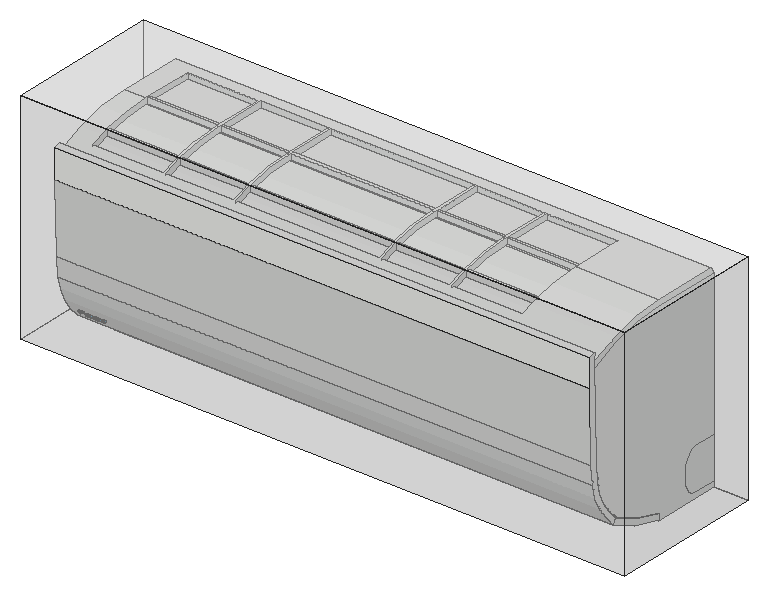
Revit family "outputfile", category 機械設備, Revit 2024
Family settings
  丸型コネクタ寸法 = 半径を使用
  パーツ タイプ = 標準
  OmniClass 番号 = 23.75.10.24.21.27.27
  OmniClass タイトル = Split System Air Conditioning Units
  作業面ベース = いいえ
  常に垂直 = はい
  ロード時にボイドで切り取り = いいえ
  注釈の向きを維持 = いいえ
  共有 = いいえ
  部屋計算ポイント = いいえ
Parameters (values of type "CTKM25VVMG")
  Description = ""
  書き出し IFC クラス(タイプ) = "IfcUnitaryEquipmentType"
  定義済み IFC タイプ(タイプ) = "AIRCONDITIONINGUNIT"
  Cost = 0
  Type Comments = ""
  Keynote = ""
  Type Image = (empty or 0)
  Assembly Code = ""
  w_wall hole = if(Width = 770.0 mm, 48.0 mm, 60.0 mm)  # 48.0 mm
  製造元 = "Daikin"
  モデル = "CTKM25VVMG"
  switch_frequency = yes
  r_Liquid Pipe Size = Liquid Pipe Size / 2  # 3.2 mm
  r_Gas Pipe Size = Gas Pipe Size / 2  # 4.75 mm
  r_Drain Pipe Size = Drain Pipe Size / 2  # 8.0 mm
  lw_powersupply [instance] = if(Width = 770.0 mm, if(or(Rear Right Connection_refrigerant, Bottom Right Connection_refrigerant), 25.0 mm, if(or(Rear Left Connection_refrigerant, Bottom Left Connection_refrigerant), 745.0 mm, 400.0 mm)), if(Width = 990.0 mm, if(or(Rear Right Connection_refrigerant, Bottom Right Connection_refrigerant), 40.0 mm, if(or(Rear Left Connection_refrigerant, Bottom Left Connection_refrigerant), 920.0 mm, 400.0 mm)), if(or(Rear Right Connection_refrigerant, Bottom Right Connection_refrigerant), 40.0 mm, if(or(Rear Left Connection_refrigerant, Bottom Left Connection_refrigerant), 920.0 mm, 400.0 mm))))  # 400.0 mm
  lw_liquidpipe [instance] = if(Width = 770.0 mm, if(or(Rear Right Connection_refrigerant, Bottom Right Connection_refrigerant), 0.0 mm, if(or(Rear Left Connection_refrigerant, Bottom Left Connection_refrigerant), 664.0 mm, 385.0 mm)), if(Width = 990.0 mm, if(or(Rear Right Connection_refrigerant, Bottom Right Connection_refrigerant), 0.0 mm, if(or(Rear Left Connection_refrigerant, Bottom Left Connection_refrigerant), 664.0 mm + (990.0 mm - 770.0 mm), 475.0 mm)), if(or(Rear Right Connection_refrigerant, Bottom Right Connection_refrigerant), 0.0 mm, if(or(Rear Left Connection_refrigerant, Bottom Left Connection_refrigerant), 664.0 mm + (990.0 mm - 770.0 mm), 475.0 mm))))  # 385.0 mm
  lw_gaspipe [instance] = if(Width = 770.0 mm, if(or(Rear Right Connection_refrigerant, Bottom Right Connection_refrigerant), 0.0 mm, if(or(Rear Left Connection_refrigerant, Bottom Left Connection_refrigerant), 675.0 mm, if(Gas Pipe Size = 12.7 mm, 345.0 mm, 335.0 mm))), if(Width = 990.0 mm, if(or(Rear Right Connection_refrigerant, Bottom Right Connection_refrigerant), 10.0 mm, if(or(Rear Left Connection_refrigerant, Bottom Left Connection_refrigerant), 890.0 mm, if(Gas Pipe Size = 15.9 mm, 410.0 mm, 400.0 mm))), if(or(Rear Right Connection_refrigerant, Bottom Right Connection_refrigerant), 10.0 mm, if(or(Rear Left Connection_refrigerant, Bottom Left Connection_refrigerant), 890.0 mm, if(Gas Pipe Size = 15.9 mm, 410.0 mm, 400.0 mm)))))  # 335.0 mm
  lw_drainpipe [instance] = if(Width = 770.0 mm, if(or(Rear Right Connection_refrigerant, Bottom Right Connection_refrigerant), 0.0 mm, if(or(Rear Left Connection_refrigerant, Bottom Left Connection_refrigerant), 770.0 mm - 48.0 mm - 48.0 mm, 440.0 mm)), if(Width = 990.0 mm, if(or(Rear Right Connection_refrigerant, Bottom Right Connection_refrigerant), 0.0 mm, if(or(Rear Left Connection_refrigerant, Bottom Left Connection_refrigerant), 675.0 mm + (990.0 mm - 770.0 mm), 435.0 mm)), if(or(Rear Right Connection_refrigerant, Bottom Right Connection_refrigerant), 0.0 mm, if(or(Rear Left Connection_refrigerant, Bottom Left Connection_refrigerant), 675.0 mm + (990.0 mm - 770.0 mm), 435.0 mm))))  # 440.0 mm
  l_powersupply_length [instance] = if(Width = 770.0 mm, if(Right Connection_refrigerant, 400.0 mm, if(Left Connection_refrigerant, 770.0 mm - 400.0 mm, if(or(Rear Left Connection_refrigerant, Rear Right Connection_refrigerant), 15.0 mm, 50.0 mm))), if(Width = 990.0 mm, if(Right Connection_refrigerant, 400.0 mm, if(Left Connection_refrigerant, 990.0 mm - 400.0 mm, if(or(Rear Left Connection_refrigerant, Rear Right Connection_refrigerant), 15.0 mm, 50.0 mm))), if(Right Connection_refrigerant, 400.0 mm, if(Left Connection_refrigerant, 990.0 mm - 400.0 mm, if(or(Rear Left Connection_refrigerant, Rear Right Connection_refrigerant), 15.0 mm, 50.0 mm)))))  # 400.0 mm
  l_liquidpipe_length [instance] = if(Width = 770.0 mm, if(Right Connection_refrigerant, 433.0 mm, if(Left Connection_refrigerant, 337.0 mm, if(or(Rear Left Connection_refrigerant, Rear Right Connection_refrigerant), 30.0 mm, 40.0 mm))), if(Width = 990.0 mm, if(Right Connection_refrigerant, 535.0 mm, if(Left Connection_refrigerant, 455.0 mm, if(or(Rear Left Connection_refrigerant, Rear Right Connection_refrigerant), 30.0 mm, 40.0 mm))), if(Right Connection_refrigerant, 535.0 mm, if(Left Connection_refrigerant, 455.0 mm, if(or(Rear Left Connection_refrigerant, Rear Right Connection_refrigerant), 30.0 mm, 40.0 mm)))))  # 433.0 mm
  l_gaspipe_length [instance] = if(Width = 770.0 mm, if(Right Connection_refrigerant, if(Gas Pipe Size = 12.7 mm, 393.0 mm, 383.0 mm), if(Left Connection_refrigerant, if(Gas Pipe Size = 12.7 mm, 770.0 mm - 393.0 mm, 770.0 mm - 383.0 mm), if(or(Rear Left Connection_refrigerant, Rear Right Connection_refrigerant), 40.0 mm, 50.0 mm))), if(Width = 990.0 mm, if(Right Connection_refrigerant, if(Gas Pipe Size = 15.9 mm, 470.0 mm, 460.0 mm), if(Left Connection_refrigerant, if(Gas Pipe Size = 15.9 mm, 990.0 mm - 470.0 mm, 990.0 mm - 460.0 mm), if(or(Rear Left Connection_refrigerant, Rear Right Connection_refrigerant), 40.0 mm, 50.0 mm))), if(Right Connection_refrigerant, if(Gas Pipe Size = 15.9 mm, 470.0 mm, 460.0 mm), if(Left Connection_refrigerant, if(Gas Pipe Size = 15.9 mm, 990.0 mm - 470.0 mm, 990.0 mm - 460.0 mm), if(or(Rear Left Connection_refrigerant, Rear Right Connection_refrigerant), 40.0 mm, 50.0 mm)))))  # 383.0 mm
  l_drainpipe_length [instance] = if(Width = 770.0 mm, if(Right Connection_refrigerant, 488.0 mm, if(Left Connection_refrigerant, 282.0 mm, if(or(Rear Left Connection_refrigerant, Rear Right Connection_refrigerant), 15.0 mm, 20.0 mm))), if(Width = 990.0 mm, if(Right Connection_refrigerant, 495.0 mm, if(Left Connection_refrigerant, 495.0 mm, if(or(Rear Left Connection_refrigerant, Rear Right Connection_refrigerant), 15.0 mm, 20.0 mm))), if(Right Connection_refrigerant, 495.0 mm, if(Left Connection_refrigerant, 495.0 mm, if(or(Rear Left Connection_refrigerant, Rear Right Connection_refrigerant), 15.0 mm, 20.0 mm)))))  # 488.0 mm
  h*** = 0.0 mm  # constant formula
  connector_voltage = Voltage_50Hz  # 230 V
  connector_powerinput = [Power Input (Cooling)]  # 0.000 kW
  connector_phase = Phase_50Hz  # 1
  angle_vertical [instance] = if(or(Bottom Left Connection_refrigerant, Bottom Right Connection_refrigerant), 0.00°, 90.00°)  # 90.00°
  angle_horizontal [instance] = if(Right Connection_refrigerant, 90.00°, if(Left Connection_refrigerant, -90.00°, if(or(Rear Left Connection_refrigerant, Rear Right Connection_refrigerant), 180.00°, 0.00°)))  # 90.00°
  Width = 770.0 mm
  Voltage_comment_50Hz = "220 - 240"
  Voltage_50Hz = 230 V
  Version = "ver.1.0"
  Unit Type = "Wall Mounted"
  Unit Mass Weight = 8.00 kg
  Unit Designation [instance] = ""
  Uniclass2015Version = "Products v1.30"
  Uniclass2015Title = "Split coil room air conditioning units"
  Uniclass2015Code = "Pr_70_65_03_86"
  URL = ""
  Total Cooling Capacity [instance] = 0.000 kW
  Sound Pressure Level_M speed (dBA) = 34
  Sound Pressure Level_L speed (dBA) = 26
  Sound Pressure Level_H speed (dBA) = 43
  Sound Power Level_H speed (dB) = 0
  Series = "Multi Split_Fan Coil Unit"
  Sensible Cooling Capacity [instance] = 0.000 kW
  Refrigerant Type = "R32"
  Power Input (Cooling) = 0.000 kW
  Phase_50Hz = 1
  Option Accessory 3 [instance] = ""
  Option Accessory 2 [instance] = ""
  Option Accessory 1 [instance] = ""
  Nominal Cooling Capacity = 2.500 kW
  Minimum Circuit Amps_50Hz = 0.0 A
  Minimum Airflow = 330.00 m³/h
  Median Airflow = 504.00 m³/h
  Maximum Fuse Amps_50Hz = 0.0 A
  Maximum Airflow = 708.00 m³/h
  Material_Casing = DAIKIN_White_Casing_indoorunit
  Load Classification = HVAC
  Liquid Pipe Size = 6.4 mm
  Link_Nested Family [instance] = ""
  IfcVersion = ""
  IfcExportType = "AIRCONDITIONINGUNIT"
  IfcExportAs = "IfcUnitaryEquipmentType"
  Height = 285.0 mm
  Heat Exchanger Type = "Cross Fin Coil"
  Gas Pipe Size = 9.5 mm
  Frequency_50Hz = 50 Hz
  Fan Type = "Cross Flow Fan"
  Fan Drive = "Direct Drive"
  FCU Tag No. [instance] = ""
  Drain Pipe Size = 16.0 mm
  Design Supply Airflow [instance] = 0.00 m³/h
  Depth = 223.0 mm
  既定の高さ = 0.0 mm
  Cooling Entering Wet Bulb Temperature [instance] = 0.00 °C
  Cooling Entering Dry Bulb Temperature [instance] = 0.00 °C
  Cooling Ambient Wet Bulb Temperature [instance] = 0.00 °C
  Cooling Ambient Dry Bulb Temperature [instance] = 0.00 °C
  Clearance visibility [instance] = yes
  Clearance Top = 30.0 mm
  Clearance Right = 50.0 mm
  Clearance Rear = 0.0 mm
  Clearance Left = 50.0 mm
  Clearance Front = 0.0 mm
  Clearance Bottom = 0.0 mm
  Bottom Right Connection_refrigerant [instance] = no
  Bottom Left Connection_refrigerant [instance] = no
  Rear Right Connection_refrigerant [instance] = no
  Rear Left Connection_refrigerant [instance] = no
  Right Connection_refrigerant [instance] = yes
  Left Connection_refrigerant [instance] = no
Reference planes
  plane 1 "Back": y = 0
  plane 2: z = 0
  plane 3 "Center (Left/Right)": x = 0
  plane 4 "Center (Front/Back)": y = -111.5
  plane 5 "Front": y = -223
  plane 6 "Left": x = -385
  plane 7 "Right": x = 385
  plane 8 "Top": z = 0
  plane 9 "Bottom": z = -285
  plane 10: x = -435
  plane 11: x = 435
  plane 12: y = 0
  plane 13: y = -223
  plane 14: z = 30
  plane 15: z = -285
  plane 16 "lw_Piping and Wiring intake": x = 337
  plane 17 "lw_gaspipe": x = 2
  plane 18 "lw_liquidpipe": x = -48
  plane 19 "lw_drainpipe": x = -103
  plane 20 "lh_drainpipe": z = -265
  plane 21 "lh_liquidpipe": z = -245
  plane 22 "lh_gaspipe": z = -235
  plane 23 "ld_drainpipe": y = -15
  plane 24 "ld_liquidpipe": y = -30
  plane 25 "ld_gaspipe": y = -40
  plane 26 "lw_powersupply": x = -15
Dimensions and locks
  equal spacing: plane 6 "Left", plane 3 "Center (Left/Right)", plane 7 "Right"
  "Width": plane 6 "Left" to plane 7 "Right"
  equal spacing: plane 5 "Front", plane 4 "Center (Front/Back)", plane 1 "Back"
  "Depth": plane 5 "Front" to plane 1 "Back"
  "Height": plane 8 "Top" to plane 9 "Bottom"
  "Clearance Rear": plane 12 to plane 1 "Back"
  "Clearance Front": plane 13 to plane 5 "Front"
  "Clearance Top": plane 14 to plane 8 "Top"
  "Clearance Bottom": plane 9 "Bottom" to plane 15
  "w_wall hole": plane 16 "lw_Piping and Wiring intake" to plane 7 "Right"
  "lw_gaspipe": plane 17 "lw_gaspipe" to plane 16 "lw_Piping and Wiring intake"
  "lw_liquidpipe": plane 18 "lw_liquidpipe" to plane 16 "lw_Piping and Wiring intake"
  "lw_drainpipe": plane 19 "lw_drainpipe" to plane 16 "lw_Piping and Wiring intake"
  locked: plane 20 "lh_drainpipe" to plane 9 "Bottom" at 20
  locked: plane 21 "lh_liquidpipe" to plane 9 "Bottom" at 40
  locked: plane 22 "lh_gaspipe" to plane 9 "Bottom" at 50
  locked: plane 23 "ld_drainpipe" to plane 1 "Back" at 15
  locked: plane 1 "Back" to plane 24 "ld_liquidpipe" at 30
  locked: plane 1 "Back" to plane 25 "ld_gaspipe" at 40
  "lw_powersupply": plane 26 "lw_powersupply" to plane 7 "Right"
  "Clearance Left": plane 10 to plane 6 "Left"
  "Clearance Right": plane 7 "Right" to plane 11
  aligned and locked: level to plane 2
  aligned and locked: plane 12 to nested 1
  aligned and locked: nested 1 to plane 13
  aligned and locked: plane 10 to nested 1
  aligned and locked: plane 11 to nested 1
  aligned and locked: plane 15 to nested 1
  aligned and locked: plane 14 to nested 1
  aligned and locked: plane 17 "lw_gaspipe" to nested 2
  aligned and locked: nested 2 to plane 25 "ld_gaspipe"
  aligned and locked: plane 18 "lw_liquidpipe" to nested 3
  aligned and locked: nested 3 to plane 24 "ld_liquidpipe"
  aligned and locked: plane 19 "lw_drainpipe" to nested 4
  aligned and locked: nested 4 to plane 23 "ld_drainpipe"
  aligned and locked: nested 5 to plane 23 "ld_drainpipe"
  aligned and locked: plane 26 "lw_powersupply" to nested 5
  aligned and locked: level to plane 8 "Top"
  aligned and locked: plane 3 "Center (Left/Right)" to nested 6
  aligned and locked: plane 1 "Back" to nested 6
  aligned and locked: plane 8 "Top" to nested 6
Nested families
  nested 1: "daikin_clearancespace" at (0, -111.5, -127.381), show <- "Clearance visibility", visible <- "Clearance visibility", Link_Nested Family <- "Link_Nested Family", type "daikin_clearancespace"
    with width 870.0 mm, show yes, height 315.0 mm, depth 223.0 mm, Link_Nested Family ""
  nested 2: "daikin_connector_rotate3" at (2, -40, -235), angle_vertical <- "angle_vertical", angle_horizontal <- "angle_horizontal", length <- "l_gaspipe_length", radius <- "r_Gas Pipe Size", type "daikin_connector_rotate3"
    with show no, radius 4.75 mm, length 383.0 mm, angle_vertical 90.00°, angle_horizontal 90.00°
  nested 3: "daikin_connector_rotate3" at (-48, -30, -245), angle_vertical <- "angle_vertical", angle_horizontal <- "angle_horizontal", radius <- "r_Liquid Pipe Size", length <- "l_liquidpipe_length", type "daikin_connector_rotate3"
    with show no, radius 3.2 mm, length 433.0 mm, angle_vertical 90.00°, angle_horizontal 90.00°
  nested 4: "daikin_connector_rotate3" at (-103, -15, -265), angle_vertical <- "angle_vertical", angle_horizontal <- "angle_horizontal", length <- "l_drainpipe_length", radius <- "r_Drain Pipe Size", type "daikin_connector_rotate3"
    with show no, radius 8.0 mm, length 488.0 mm, angle_vertical 90.00°, angle_horizontal 90.00°
  nested 5: "daikin_connector_rotate3" at (-15, -15, -235), angle_vertical <- "angle_vertical", angle_horizontal <- "angle_horizontal", length <- "l_powersupply_length", type "daikin_connector_rotate3"
    with show no, radius 10.0 mm, length 400.0 mm, angle_vertical 90.00°, angle_horizontal 90.00°
  nested 6: "DAIKIN_indoorunit_CTKM-VVMG" at (-31, 0, 0), type "CTKM-VVMG"
Connectors
  piping at (385, -40, -235), diameter 9.5, driven by "r_Gas Pipe Size"
    settings: on nested 2, index 1, connector inside diameter 609.6 mm, connector length 0.0 mm, flow factor 0, pipe flow 0.00 m³/h, pressure drop 0.0 Pa, fitting loss kfactor 0, connector angle 0.00°, fixture units 0, engagement length 0.0 mm, angle of deflection 0.00°, flow configuration 1, flow direction 2, fitting loss method 0, system type 29, joint type 0, gender type 0, connector reference index -1, connector utility 0, adjustable connector no, is connector primary yes, connector description "Refrigerant Gas Piping"
  piping at (385, -30, -245), diameter 6.4, driven by "r_Liquid Pipe Size"
    settings: on nested 3, index 2, connector inside diameter 609.6 mm, connector length 0.0 mm, flow factor 0, pipe flow 0.00 m³/h, pressure drop 0.0 Pa, fitting loss kfactor 0, connector angle 0.00°, fixture units 0, engagement length 0.0 mm, angle of deflection 0.00°, flow configuration 1, flow direction 1, fitting loss method 0, system type 29, joint type 0, gender type 0, connector reference index -1, connector utility 0, adjustable connector no, is connector primary no, connector description "Refrigerant Liquid Piping"
  piping at (385, -15, -265), diameter 16, driven by "r_Drain Pipe Size"
    settings: on nested 4, index 3, connector inside diameter 609.6 mm, connector length 0.0 mm, flow factor 0, pipe flow 0.00 m³/h, pressure drop 0.0 Pa, fitting loss kfactor 0, connector angle 0.00°, fixture units 0, engagement length 0.0 mm, angle of deflection 0.00°, flow configuration 1, flow direction 2, fitting loss method 4, system type 16, joint type 0, gender type 0, connector reference index -1, connector utility 0, adjustable connector no, is connector primary no, connector description "Condensate Drain Piping"
  electrical at (385, -15, -235), driven by "Load Classification", driven by "connector_powerinput", driven by "connector_phase", driven by "connector_voltage"
    settings: on nested 5, index 4, voltage 230 V, apparent load 0 VA, apparent load phase1 0 VA, apparent load phase2 0 VA, apparent load phase3 0 VA, power factor 1, load classification "HVAC", number of poles 1, system type 30, power factor state 1, is connector primary yes, connector utility no, sub classification motor no, connector description "Power Supply"
Definition of nested family "daikin_clearancespace"
  Parameters (values of type "daikin_clearancespace")
    Description = "daikin_clearancespace"
    width [instance] = 1823.963 mm
    show [instance] = yes
    material = none
    height [instance] = 1359.762 mm
    depth [instance] = 880.0 mm
    Default Elevation = 0.0 mm
    Link_Nested Family [instance] = ""
  Reference planes
    plane 1 "Center (Front/Back)": y = 0
    plane 2 "Center (Elevation)": z = -0.119
    plane 3 "Center (Left/Right)": x = 0
    plane 4: y = 440
    plane 5: y = -440
    plane 6 "Right": x = 911.982
    plane 7 "Left": x = -911.982
    plane 8 "Top": z = 679.762
    plane 9 "Bottom": z = -680
  Forms (mm)
    Extrusion 1, solid, material <- "material", visible <- "show"
      sketch origin (0, 0, 0) x (1, 0, 0) y (0, 1, 0)
        loop
          line (-911.982, 440) -> (-911.982, -440) -> (911.982, -440) -> (911.982, 440) -> (-911.982, 440)
      from -680 to 679.762
  Lines and regions (mm)
    symbolic lines, visible <- "show"
      curve 1: line (911.982, 440, 0) -> (-911.982, 440, 0)
      curve 2: line (-911.982, 440, 0) -> (-911.982, -440, 0)
      curve 3: line (-911.982, -440, 0) -> (911.982, -440, 0)
      curve 4: line (911.982, -440, 0) -> (911.982, 440, 0)
      curve 5: line (911.982, 0, 679.762) -> (-911.982, 0, 679.762)
      curve 6: line (911.982, 0, -680) -> (911.982, 0, 679.762)
      curve 7: line (-911.982, 0, -680) -> (911.982, 0, -680)
      curve 8: line (-911.982, 0, 679.762) -> (-911.982, 0, -680)
      curve 9: line (0, 440, 679.762) -> (0, -440, 679.762)
      curve 10: line (0, -440, 679.762) -> (0, -440, -680)
      curve 11: line (0, 440, -680) -> (0, 440, 679.762)
      curve 12: line (0, -440, -680) -> (0, 440, -680)
  Dimensions and locks
    "width": plane 7 "Left" to plane 6 "Right"
    "depth": plane 4 to plane 5
    "height": plane 8 "Top" to plane 9 "Bottom"
    equal spacing: plane 7 "Left", plane 3 "Center (Left/Right)", plane 6 "Right"
    equal spacing: plane 4, plane 1 "Center (Front/Back)", plane 5
    equal spacing: plane 8 "Top", plane 2 "Center (Elevation)", plane 9 "Bottom"
    aligned and locked: level to plane 2 "Center (Elevation)"
    aligned and locked: Extrusion 1 sketch curve to plane 4
    aligned and locked: plane 7 "Left" to Extrusion 1 sketch curve
    aligned and locked: Extrusion 1 sketch curve to plane 5
    aligned and locked: Extrusion 1 sketch curve to plane 6 "Right"
    aligned and locked: plane 8 "Top" to Extrusion 1
    aligned and locked: curve 1 to Extrusion 1
    aligned and locked: curve 2 to Extrusion 1
    aligned and locked: curve 3 to Extrusion 1
    aligned and locked: curve 4 to Extrusion 1
    aligned and locked: curve 5 to Extrusion 1
    aligned and locked: curve 6 to Extrusion 1
    aligned and locked: curve 7 to Extrusion 1
    aligned and locked: curve 8 to Extrusion 1
    aligned and locked: curve 9 to Extrusion 1
    aligned and locked: curve 10 to Extrusion 1
    aligned and locked: curve 11 to Extrusion 1
    aligned and locked: curve 12 to Extrusion 1
    aligned and locked: Extrusion 1 to plane 9 "Bottom"
Definition of nested family "DAIKIN_indoorunit_CTKM-VVMG"
  Parameters (values of type "CTKM-VVMG")
    switch_unit1_60-71 = Width = 990.0 mm  # no
    switch_unit1_25-50 = Width = 770.0 mm  # yes
    Width = 770.0 mm
    WALL HOLE-R = if(Width = 770.0 mm, 48.0 mm, 60.0 mm)  # 48.0 mm
    WALL HOLE Size = if(Width = 770.0 mm, 65.0 mm, 80.0 mm)  # 65.0 mm
    Material_Casing = none
    Height = if(Width = 770.0 mm, 285.0 mm, 295.0 mm)  # 285.0 mm
    Default Elevation = 0.0 mm
  Reference planes
    plane 1 "Center (Front/Back)": y = 0
    plane 2 "reference_level": z = 0
    plane 3 "Center (Left/Right)": x = 31
    plane 4: x = -354
    plane 5: x = 416
    plane 6: z = -285
  Forms (mm)
    Extrusion 1, solid, material <- "Material_Casing", visible <- "switch_unit1_25-50"
      sketch origin (29, 0, 0) x (0, 1, 0) y (0, 0, 1)
        loop
          line (-5, 0) -> (-98, 0)
          arc (-98, 0) -> (-157.611, -7.211) -> (-213.783, -28.427) r 250
          arc (-213.783, -28.427) -> (-213.842, -32.972) -> (-213.892, -37.516) r 2191
          arc (-213.892, -37.516) -> (-157.832, -15.495) -> (-98.07, -8) r 242
          line (-98.07, -8) -> (0, -8) -> (-5, 0)
      from -383 to 387
    Extrusion 2, solid, material <- "Material_Casing", visible <- "switch_unit1_25-50"
      sketch origin (416, 1296.25, 1200) x (0, 1, 0) y (0, 0, 1)
        loop
          line (-1472.998, -1446.91) -> (-1476.998, -1453.839)
          arc (-1476.998, -1453.839) -> (-1437.481, -1472.422) -> (-1395.25, -1483.538) r 240
          line (-1395.25, -1483.538) -> (-1395.25, -1475.422)
          arc (-1395.25, -1475.422) -> (-1435.407, -1464.663) -> (-1472.998, -1446.91) r 232
      from 0 to -47.5
    Extrusion 3, solid, material <- "Material_Casing", visible <- "switch_unit1_25-50"
      sketch origin (29, 0, 0) x (0, 1, 0) y (0, 0, 1)
        loop
          arc (-223, -60.455) -> (-222.414, -110.646) -> (-220.656, -160.81) r 2149.92
          arc (-220.656, -160.81) -> (-219.65, -174.299) -> (-217.853, -187.706) r 229.911
          arc (-217.853, -187.706) -> (-205.371, -223.594) -> (-181.517, -253.17) r 111
          line (-181.517, -253.17) -> (-177.429, -246.093)
          arc (-177.429, -246.093) -> (-198.77, -218.989) -> (-209.965, -186.36) r 103
          arc (-209.965, -186.36) -> (-211.681, -173.586) -> (-212.651, -160.735) r 221.844
          arc (-212.651, -160.735) -> (-214.739, -93.233) -> (-214.74, -25.699) r 2186.828
          arc (-214.74, -25.699) -> (-214.671, -21.467) -> (-214.594, -17.235) r 2192
          line (-214.594, -17.235) -> (-223, -19.961) -> (-223, -60.455)
      from -383 to 387
    Extrusion 4, solid, material <- "Material_Casing", visible <- "switch_unit1_25-50"
      sketch origin (29, 0, -20) x (0, 1, 0) y (0, 0, 1)
        loop
          line (0, -265) -> (0, 12) -> (-98.07, 12)
          arc (-98.07, 12) -> (-157.832, 4.505) -> (-213.892, -17.516) r 242
          arc (-213.892, -17.516) -> (-213.638, -79.114) -> (-211.653, -140.681) r 2191
          arc (-211.653, -140.681) -> (-210.685, -153.501) -> (-208.973, -166.243) r 221
          arc (-208.973, -166.243) -> (-197.471, -199.282) -> (-175.482, -226.491) r 102
          arc (-175.482, -226.491) -> (-138.004, -244.019) -> (-98, -254.579) r 231
          line (-98, -254.579) -> (-98, -265) -> (0, -265)
      from -383 to 387
    Extrusion 5, solid, material <- "Material_Casing", visible <- "switch_unit1_25-50"
      sketch origin (-354, 1296.25, 1200) x (0, 1, 0) y (0, 0, 1)
        loop
          line (-1472.998, -1446.91) -> (-1476.998, -1453.839)
          arc (-1476.998, -1453.839) -> (-1437.481, -1472.422) -> (-1395.25, -1483.538) r 240
          line (-1395.25, -1483.538) -> (-1395.25, -1475.422)
          arc (-1395.25, -1475.422) -> (-1435.407, -1464.663) -> (-1472.998, -1446.91) r 232
      from 47 to 0
    Extrusion 6, solid, material <- "Material_Casing", visible <- "switch_unit1_25-50"
      sketch origin (416, 1296.25, 1200) x (0, 1, 0) y (0, 0, 1)
        loop
          line (-1472.998, -1446.91) -> (-1476.998, -1453.839)
          arc (-1476.998, -1453.839) -> (-1443.437, -1470.168) -> (-1407.75, -1481.097) r 240
          line (-1407.75, -1481.097) -> (-1407.75, -1472.894)
          arc (-1407.75, -1472.894) -> (-1441.363, -1462.385) -> (-1472.998, -1446.91) r 232
      from -116.993 to -48.493
    Extrusion 7, solid, material <- "Material_Casing", visible <- "switch_unit1_25-50"
      sketch origin (416, 1296.25, 1200) x (0, 1, 0) y (0, 0, 1)
        loop
          line (-1472.998, -1446.91) -> (-1476.998, -1453.839)
          arc (-1476.998, -1453.839) -> (-1443.437, -1470.168) -> (-1407.75, -1481.097) r 240
          line (-1407.75, -1481.097) -> (-1407.75, -1472.894)
          arc (-1407.75, -1472.894) -> (-1441.363, -1462.385) -> (-1472.998, -1446.91) r 232
      from -717 to -121.993
    Extrusion 8, void
      sketch origin (31, 0, -235) x (1, 0, 0) y (0, 1, 0)
        loop
          line (-252.674, -22.316) -> (-354.941, -22.316) -> (-354.941, -91.341) -> (-252.674, -91.341) -> (-252.674, -22.316)
        loop
          line (-249.341, -91.341) -> (-151.574, -91.341) -> (-151.574, -22.316) -> (-249.341, -22.316) -> (-249.341, -91.341)
        loop
          line (58.309, -22.316) -> (-148.309, -22.316) -> (-148.309, -91.341) -> (58.309, -91.341) -> (58.309, -22.316)
        loop
          line (61.689, -22.316) -> (61.689, -91.341) -> (159.457, -91.341) -> (159.457, -22.316) -> (61.689, -22.316)
        loop
          line (162.789, -22.316) -> (162.789, -91.341) -> (265.057, -91.341) -> (265.057, -22.316) -> (162.789, -22.316)
        loop
          line (-354.941, -94.659) -> (-354.941, -165.259) -> (-252.674, -165.259) -> (-252.674, -94.659) -> (-354.941, -94.659)
        loop
          line (-249.341, -94.659) -> (-249.341, -165.259) -> (-151.574, -165.259) -> (-151.574, -94.659) -> (-249.341, -94.659)
        loop
          line (-148.309, -94.659) -> (-148.309, -165.259) -> (58.309, -165.259) -> (58.309, -94.659) -> (-148.309, -94.659)
        loop
          line (61.689, -94.659) -> (61.689, -165.259) -> (159.457, -165.259) -> (159.457, -94.659) -> (61.689, -94.659)
        loop
          line (162.789, -94.659) -> (162.789, -165.259) -> (265.057, -165.259) -> (265.057, -94.659) -> (162.789, -94.659)
        loop
          line (-354.941, -167.382) -> (-354.941, -192.681) -> (-252.674, -192.681) -> (-252.674, -167.382) -> (-354.941, -167.382)
        loop
          line (-249.341, -167.382) -> (-249.341, -192.681) -> (-151.574, -192.681) -> (-151.574, -167.382) -> (-249.341, -167.382)
        loop
          line (-148.309, -167.382) -> (-148.309, -192.681) -> (58.309, -192.681) -> (58.309, -167.382) -> (-148.309, -167.382)
        loop
          line (159.457, -167.382) -> (61.689, -167.382) -> (61.689, -192.681) -> (159.457, -192.681) -> (159.457, -167.382)
        loop
          line (265.057, -167.382) -> (162.789, -167.382) -> (162.789, -192.681) -> (265.057, -192.681) -> (265.057, -167.382)
      from 201.638 to 250
    Extrusion 9, solid, material <- "Material_Casing"
      sketch origin (31, 0, 0) x (1, 0, 0) y (0, 0, 1)
        loop
          circle (337, -240.5) r 32.5
        loop
          circle (-337, -240.5) r 32.5
      from 0 to 5
    Extrusion 10, solid, material <- "Material_Casing", visible <- "switch_unit1_25-50"
      sketch origin (416, 1296.25, 1200) x (0, -1, 0) y (0, 0, 1)
        loop
          line (1326.25, -1417) -> (1296.25, -1417) -> (1296.25, -1477) -> (1326.25, -1477)
          arc (1326.25, -1477) -> (1340.393, -1471.142) -> (1346.25, -1457) r 20
          line (1346.25, -1457) -> (1346.25, -1437)
          arc (1346.25, -1437) -> (1340.393, -1422.858) -> (1326.25, -1417) r 20
      from 0 to 5
    Extrusion 11, solid, material <- "Material_Casing", visible <- "switch_unit1_25-50"
      sketch origin (-354, 1296.25, 1200) x (0, 1, 0) y (0, 0, 1)
        loop
          line (-1296.25, -1417) -> (-1326.25, -1417)
          arc (-1326.25, -1417) -> (-1340.393, -1422.858) -> (-1346.25, -1437) r 20
          line (-1346.25, -1437) -> (-1346.25, -1457)
          arc (-1346.25, -1457) -> (-1340.393, -1471.142) -> (-1326.25, -1477) r 20
          line (-1326.25, -1477) -> (-1296.25, -1477) -> (-1296.25, -1417)
      from 0 to 5
    Extrusion 12, solid, material <- "Material_Casing", visible <- "switch_unit1_25-50"
      sketch origin (31, 0, -285) x (-1, 0, 0) y (0, -1, 0)
        loop
          line (-314, 0) -> (-314, 30)
          arc (-314, 30) -> (-319.858, 44.142) -> (-334, 50) r 20
          line (-334, 50) -> (-354, 50)
          arc (-354, 50) -> (-368.142, 44.142) -> (-374, 30) r 20
          line (-374, 30) -> (-374, 0) -> (-314, 0)
        loop
          line (374, 0) -> (374, 30)
          arc (374, 30) -> (368.142, 44.142) -> (354, 50) r 20
          line (354, 50) -> (334, 50)
          arc (334, 50) -> (319.858, 44.142) -> (314, 30) r 20
          line (314, 30) -> (314, 0) -> (374, 0)
      from 0 to 5
    Extrusion 13, solid, material <- "Material_Casing", visible <- "switch_unit1_60-71"
      sketch origin (31, 0, 0) x (0, 1, 0) y (0, 0, 1)
        loop
          line (-5, 0) -> (-138, 0)
          arc (-138, 0) -> (-197.611, -7.211) -> (-253.783, -28.427) r 250
          arc (-253.783, -28.427) -> (-253.838, -32.687) -> (-253.886, -36.946) r 2191
          arc (-253.886, -36.946) -> (-197.73, -15.346) -> (-138.014, -8) r 246.393
          line (-138.014, -8) -> (0, -8) -> (-5, 0)
      from -495 to 495
    Extrusion 14, solid, material <- "Material_Casing", visible <- "switch_unit1_60-71"
      sketch origin (418, 1296.25, 1200) x (0, 1, 0) y (0, 0, 1)
        loop
          arc (-1515.208, -1454.149) -> (-1506.856, -1460.599) -> (-1497.925, -1466.219) r 110
          arc (-1497.925, -1466.219) -> (-1445.718, -1487.493) -> (-1389.844, -1494.995) r 223
          line (-1389.844, -1494.995) -> (-1389.844, -1486.086) -> (-1404.386, -1486.086)
          arc (-1404.386, -1486.086) -> (-1449.542, -1477.46) -> (-1491.818, -1459.402) r 214.289
          arc (-1491.818, -1459.402) -> (-1501.056, -1453.541) -> (-1509.606, -1446.715) r 101
          line (-1509.606, -1446.715) -> (-1515.208, -1454.149)
      from 108 to 57.5
    Extrusion 15, solid, material <- "Material_Casing", visible <- "switch_unit1_60-71"
      sketch origin (31, 0, 0) x (0, 1, 0) y (0, 0, 1)
        loop
          line (-263, -19.962) -> (-263, -61.6)
          arc (-263, -61.6) -> (-262.414, -110.219) -> (-260.656, -158.81) r 2017.341
          arc (-260.656, -158.81) -> (-255.648, -191.935) -> (-244.041, -223.362) r 164.725
          arc (-244.041, -223.362) -> (-233.569, -239.793) -> (-219.717, -253.495) r 87.379
          line (-219.717, -253.495) -> (-214.706, -246.846)
          arc (-214.706, -246.846) -> (-229.564, -230.029) -> (-240.385, -210.371) r 102
          arc (-240.385, -210.371) -> (-249.049, -182.962) -> (-252.848, -154.467) r 165.789
          arc (-252.848, -154.467) -> (-254.771, -90.102) -> (-254.74, -25.708) r 2122.533
          arc (-254.74, -25.708) -> (-254.671, -21.469) -> (-254.594, -17.23) r 2192
          line (-254.594, -17.23) -> (-263, -19.962)
      from -495 to 495
    Extrusion 16, void
      sketch origin (33, 0, 0) x (1, 0, 0) y (0, 1, 0)
        loop
          line (-466.909, -22.316) -> (-466.909, -111.341) -> (-366.303, -111.341) -> (-366.303, -22.316) -> (-466.909, -22.316)
        loop
          line (-362.71, -22.316) -> (-362.71, -111.341) -> (-262.103, -111.341) -> (-262.103, -22.316) -> (-362.71, -22.316)
        loop
          line (-258.51, -22.316) -> (-258.51, -111.341) -> (-157.904, -111.341) -> (-157.904, -22.316) -> (-258.51, -22.316)
        loop
          line (-154.31, -22.316) -> (-154.31, -111.341) -> (-53.704, -111.341) -> (-53.704, -22.316) -> (-154.31, -22.316)
        loop
          line (-50.11, -22.316) -> (-50.11, -111.341) -> (50.496, -111.341) -> (50.496, -22.316) -> (-50.11, -22.316)
        loop
          line (54.089, -22.316) -> (54.089, -111.341) -> (154.696, -111.341) -> (154.696, -22.316) -> (54.089, -22.316)
        loop
          line (158.289, -22.316) -> (158.289, -111.341) -> (258.895, -111.341) -> (258.895, -22.316) -> (158.289, -22.316)
        loop
          line (262.489, -22.316) -> (262.489, -111.341) -> (363.095, -111.341) -> (363.095, -22.316) -> (262.489, -22.316)
        loop
          line (-466.909, -114.459) -> (-466.909, -185.059) -> (-366.303, -185.059) -> (-366.303, -114.459) -> (-466.909, -114.459)
        loop
          line (-362.71, -114.459) -> (-362.71, -185.059) -> (-262.103, -185.059) -> (-262.103, -114.459) -> (-362.71, -114.459)
        loop
          line (-258.51, -114.459) -> (-258.51, -185.059) -> (-157.904, -185.059) -> (-157.904, -114.459) -> (-258.51, -114.459)
        loop
          line (-154.31, -114.459) -> (-154.31, -185.059) -> (-53.704, -185.059) -> (-53.704, -114.459) -> (-154.31, -114.459)
        loop
          line (-50.11, -114.459) -> (-50.11, -185.059) -> (50.496, -185.059) -> (50.496, -114.459) -> (-50.11, -114.459)
        loop
          line (54.089, -114.459) -> (54.089, -185.059) -> (154.696, -185.059) -> (154.696, -114.459) -> (54.089, -114.459)
        loop
          line (158.289, -114.459) -> (158.289, -185.059) -> (258.895, -185.059) -> (258.895, -114.459) -> (158.289, -114.459)
        loop
          line (262.489, -114.459) -> (262.489, -185.059) -> (363.095, -185.059) -> (363.095, -114.459) -> (262.489, -114.459)
        loop
          line (-466.909, -187.382) -> (-466.909, -232.681) -> (-366.303, -232.681) -> (-366.303, -187.382) -> (-466.909, -187.382)
        loop
          line (-362.71, -187.382) -> (-362.71, -232.681) -> (-262.103, -232.681) -> (-262.103, -187.382) -> (-362.71, -187.382)
        loop
          line (-258.51, -187.382) -> (-258.51, -232.681) -> (-157.904, -232.681) -> (-157.904, -187.382) -> (-258.51, -187.382)
        loop
          line (-154.31, -187.382) -> (-154.31, -232.681) -> (-53.704, -232.681) -> (-53.704, -187.382) -> (-154.31, -187.382)
        loop
          line (-50.11, -187.382) -> (-50.11, -232.681) -> (50.496, -232.681) -> (50.496, -187.382) -> (-50.11, -187.382)
        loop
          line (54.089, -187.382) -> (54.089, -232.681) -> (154.696, -232.681) -> (154.696, -187.382) -> (54.089, -187.382)
        loop
          line (158.289, -187.382) -> (158.289, -232.681) -> (258.895, -232.681) -> (258.895, -187.382) -> (158.289, -187.382)
        loop
          line (262.489, -187.382) -> (262.489, -232.681) -> (363.095, -232.681) -> (363.095, -187.382) -> (262.489, -187.382)
      from -40.013 to 47.268
    Extrusion 17, solid, material <- "Material_Casing", visible <- "switch_unit1_60-71"
      sketch origin (-356, 1296.25, 1200) x (0, 1, 0) y (0, 0, -1)
        loop
          line (-1515.208, 1454.149) -> (-1509.606, 1446.715)
          arc (-1509.606, 1446.715) -> (-1501.056, 1453.541) -> (-1491.818, 1459.402) r 101
          arc (-1491.818, 1459.402) -> (-1449.542, 1477.46) -> (-1404.386, 1486.086) r 214.289
          line (-1404.386, 1486.086) -> (-1389.844, 1486.086) -> (-1389.844, 1494.995)
          arc (-1389.844, 1494.995) -> (-1445.718, 1487.493) -> (-1497.925, 1466.219) r 223
          arc (-1497.925, 1466.219) -> (-1506.856, 1460.599) -> (-1515.208, 1454.149) r 110
      from 108 to 61
    Extrusion 18, solid, material <- "Material_Casing", visible <- "switch_unit1_60-71"
      sketch origin (418, 1296.25, 1200) x (0, 1, 0) y (0, 0, 1)
        loop
          arc (-1515.208, -1454.149) -> (-1506.856, -1460.599) -> (-1497.925, -1466.219) r 110
          arc (-1497.925, -1466.219) -> (-1463.185, -1482.066) -> (-1426.25, -1491.755) r 223
          line (-1426.25, -1491.755) -> (-1426.25, -1483.166)
          arc (-1426.25, -1483.166) -> (-1460.008, -1473.969) -> (-1491.818, -1459.402) r 214.289
          arc (-1491.818, -1459.402) -> (-1501.056, -1453.541) -> (-1509.606, -1446.715) r 101
          line (-1509.606, -1446.715) -> (-1515.208, -1454.149)
      from 56.5 to -36.993
    Extrusion 19, solid, material <- "Material_Casing", visible <- "switch_unit1_60-71"
      sketch origin (418, 1296.25, 1200) x (0, 1, 0) y (0, 0, 1)
        loop
          arc (-1426.25, -1483.166) -> (-1443.442, -1479.224) -> (-1460.25, -1473.881) r 214.289
          line (-1460.25, -1473.881) -> (-1460.25, -1483.089)
          arc (-1460.25, -1483.089) -> (-1443.421, -1488.091) -> (-1426.25, -1491.755) r 223
          line (-1426.25, -1491.755) -> (-1426.25, -1483.166)
      from -43.493 to -828.893
    Extrusion 20, solid, material <- "Material_Casing", visible <- "switch_unit1_60-71"
      sketch origin (418, 1296.25, 1200) x (0, 1, 0) y (0, 0, 1)
        loop
          arc (-1515.208, -1454.149) -> (-1506.856, -1460.599) -> (-1497.925, -1466.219) r 110
          arc (-1497.925, -1466.219) -> (-1479.479, -1475.527) -> (-1460.25, -1483.089) r 223
          line (-1460.25, -1483.089) -> (-1460.25, -1473.881)
          arc (-1460.25, -1473.881) -> (-1476.328, -1467.282) -> (-1491.818, -1459.402) r 214.289
          arc (-1491.818, -1459.402) -> (-1501.056, -1453.541) -> (-1509.606, -1446.715) r 101
          line (-1509.606, -1446.715) -> (-1515.208, -1454.149)
      from -43.493 to -828.893
    Extrusion 21, solid, material <- "Material_Casing", visible <- "switch_unit1_60-71"
      sketch origin (31, 0, -30) x (0, 1, 0) y (0, 0, 1)
        loop
          line (0, 22) -> (-138.014, 22)
          arc (-138.014, 22) -> (-197.73, 14.654) -> (-253.886, -6.946) r 246.393
          arc (-253.886, -6.946) -> (-253.682, -65.635) -> (-251.855, -124.295) r 2120.935
          arc (-251.855, -124.295) -> (-248.086, -152.682) -> (-239.461, -179.988) r 164.789
          arc (-239.461, -179.988) -> (-228.903, -199.231) -> (-214.437, -215.738) r 101
          line (-214.437, -215.738) -> (-212.406, -216.221)
          arc (-212.406, -216.221) -> (-204.07, -222.837) -> (-195.079, -228.53) r 100
          arc (-195.079, -228.53) -> (-145.557, -248.629) -> (-92.593, -255.785) r 213.289
          line (-92.593, -255.785) -> (-92.593, -265) -> (0, -265) -> (0, 22)
      from -495 to 495
    Extrusion 22, solid, material <- "Material_Casing", visible <- "switch_unit1_60-71"
      sketch origin (526, 1296.25, 1200) x (0, -1, 0) y (0, 0, 1)
        loop
          line (1326.25, -1427.035) -> (1296.25, -1427.035) -> (1296.25, -1487.035) -> (1326.25, -1487.035)
          arc (1326.25, -1487.035) -> (1340.393, -1481.177) -> (1346.25, -1467.035) r 20
          line (1346.25, -1467.035) -> (1346.25, -1447.035)
          arc (1346.25, -1447.035) -> (1340.393, -1432.892) -> (1326.25, -1427.035) r 20
      from 0 to 5
    Extrusion 23, solid, material <- "Material_Casing", visible <- "switch_unit1_60-71"
      sketch origin (-459, 1296.25, 1200) x (0, -1, 0) y (0, 0, 1)
        loop
          line (1326.25, -1427.035) -> (1296.25, -1427.035) -> (1296.25, -1487.035) -> (1326.25, -1487.035)
          arc (1326.25, -1487.035) -> (1340.393, -1481.177) -> (1346.25, -1467.035) r 20
          line (1346.25, -1467.035) -> (1346.25, -1447.035)
          arc (1346.25, -1447.035) -> (1340.393, -1432.892) -> (1326.25, -1427.035) r 20
      from 0 to 5
    Extrusion 24, solid, material <- "Material_Casing", visible <- "switch_unit1_60-71"
      sketch origin (31, 200, -295) x (-1, 0, 0) y (0, -1, 0)
        loop
          line (469, 200) -> (469, 230)
          arc (469, 230) -> (463.142, 244.142) -> (449, 250) r 20
          line (449, 250) -> (429, 250)
          arc (429, 250) -> (414.858, 244.142) -> (409, 230) r 20
          line (409, 230) -> (409, 200) -> (469, 200)
        loop
          line (-469, 200) -> (-409, 200) -> (-409, 230)
          arc (-409, 230) -> (-414.858, 244.142) -> (-429, 250) r 20
          line (-429, 250) -> (-449, 250)
          arc (-449, 250) -> (-463.142, 244.142) -> (-469, 230) r 20
          line (-469, 230) -> (-469, 200)
      from 0 to 5
  Cuts and joins
    Extrusion 8 cuts Extrusion 1
    Extrusion 16 cuts Extrusion 13
  Lines and regions (mm)
    reference lines
      curve 1: line (-523, -201.911, -229.404) -> (-523, -193.542, -239.977)
      curve 2: line (-523, -240.779, -229.404) -> (-523, -232.411, -239.977)
  Dimensions and locks
    locked: Extrusion 10 sketch curve to Extrusion 10 sketch curve at 60
    locked: Extrusion 10 sketch curve to Extrusion 10 sketch curve at 50
    locked: Extrusion 12 sketch curve to Extrusion 12 sketch curve at 60  (x2)
    locked: Extrusion 12 sketch curve to Extrusion 12 sketch curve at 50
    equal spacing: plane 5, plane 3 "Center (Left/Right)", plane 4
    "Width": plane 5 to plane 4
    locked: Extrusion 9 sketch curve to plane 4 at 48
    "WALL HOLE-R": plane 5 to Extrusion 9 sketch curve
    "Height": plane 2 "reference_level" to plane 6
    locked: Extrusion 9 sketch curve to plane 6 at 44.5  (x2)
    locked: Extrusion 15 to nested 2 at 15
    locked: Extrusion 22 sketch curve to Extrusion 22 sketch curve at 60
    locked: Extrusion 22 sketch curve to Extrusion 22 sketch curve at 50
    locked: Extrusion 23 sketch curve to Extrusion 23 sketch curve at 60
    locked: Extrusion 23 sketch curve to Extrusion 23 sketch curve at 50
    locked: Extrusion 24 sketch curve to Extrusion 24 sketch curve at 60  (x2)
    locked: Extrusion 24 sketch curve to Extrusion 24 sketch curve at 50  (x2)
    "WALL HOLE Size": diameter of Extrusion 9 sketch curve  (x2)
    aligned and locked: level to plane 2 "reference_level"
    aligned and locked: nested 1 to curve 1
    aligned and locked: Extrusion 11 sketch curve to Extrusion 10  (x4)
    aligned and locked: Extrusion 12 sketch curve to Extrusion 12 sketch curve  (x2)
    aligned and locked: Extrusion 9 to plane 1 "Center (Front/Back)"
    aligned and locked: nested 2 to curve 2
  Automatic sketch dimensions
    curve 1 to level = 239.977 mm
    plane 1 "Center (Front/Back)" to curve 1 = 193.542 mm
    curve 2 to curve 1 = 0.0 mm
    curve 2 to curve 2 = 10.573 mm
    curve 1 to curve 1 = 10.573 mm
    curve 1 to curve 1 = 8.368 mm
    curve 1 to curve 2 = 30.5 mm
    curve 2 to curve 2 = 8.368 mm
    Extrusion 1 sketch curve to level = 0.0 mm
    Extrusion 1 sketch curve to plane 1 "Center (Front/Back)" = 0.0 mm
    plane 1 "Center (Front/Back)" to Extrusion 1 sketch curve = 5.0 mm
    plane 1 "Center (Front/Back)" to Extrusion 1 sketch curve = 98.0 mm
    Extrusion 1 sketch curve to Extrusion 1 sketch curve = 0.07 mm
    Extrusion 1 sketch curve to level = 59.292 mm
    Extrusion 1 sketch curve to plane 1 "Center (Front/Back)" = 1977.0 mm
    Extrusion 1 sketch curve to level = 250.0 mm
    Extrusion 1 sketch curve to Extrusion 1 sketch curve = 0.0 mm
    Extrusion 1 sketch curve to level = 8.0 mm
    Extrusion 1 sketch curve to level = 28.427 mm
    plane 1 "Center (Front/Back)" to Extrusion 2 sketch curve = 180.748 mm
    Extrusion 2 sketch curve to Extrusion 2 sketch curve = 4.0 mm
    Extrusion 2 sketch curve to Extrusion 2 sketch curve = 77.747 mm
    plane 1 "Center (Front/Back)" to Extrusion 2 sketch curve = 59.279 mm
    Extrusion 2 sketch curve to Extrusion 2 sketch curve = 0.0 mm
    Extrusion 2 sketch curve to level = 283.538 mm
    Extrusion 2 sketch curve to Extrusion 2 sketch curve = 8.116 mm
    Extrusion 2 sketch curve to Extrusion 2 sketch curve = 21.583 mm
    Extrusion 2 sketch curve to Extrusion 2 sketch curve = 6.929 mm
    Extrusion 3 sketch curve to level = 19.961 mm
    plane 1 "Center (Front/Back)" to Extrusion 3 sketch curve = 223.0 mm
    Extrusion 3 sketch curve to level = 17.235 mm
    Extrusion 3 sketch curve to Extrusion 3 sketch curve = 8.406 mm
    plane 1 "Center (Front/Back)" to Extrusion 3 sketch curve = 181.517 mm
    Extrusion 3 sketch curve to Extrusion 3 sketch curve = 4.087 mm
    Extrusion 3 sketch curve to Extrusion 3 sketch curve = 69.11 mm
    Extrusion 3 sketch curve to Extrusion 3 sketch curve = 0.001 mm
    Extrusion 3 sketch curve to plane 1 "Center (Front/Back)" = 8.955 mm
    Extrusion 3 sketch curve to Extrusion 3 sketch curve = 0.067 mm
    Extrusion 3 sketch curve to level = 60.455 mm
    Extrusion 3 sketch curve to Extrusion 3 sketch curve = 1917.898 mm
    Extrusion 3 sketch curve to Extrusion 3 sketch curve = 44.907 mm
    Extrusion 3 sketch curve to Extrusion 3 sketch curve = 5.172 mm
    Extrusion 3 sketch curve to level = 150.456 mm
    Extrusion 3 sketch curve to Extrusion 3 sketch curve = 0.006 mm
    Extrusion 3 sketch curve to Extrusion 3 sketch curve = 19.265 mm
    Extrusion 3 sketch curve to Extrusion 3 sketch curve = 0.004 mm
    Extrusion 3 sketch curve to Extrusion 3 sketch curve = 76.368 mm
    Extrusion 3 sketch curve to Extrusion 3 sketch curve = 7.077 mm
    Extrusion 3 sketch curve to Extrusion 3 sketch curve = 1.002 mm
    Extrusion 3 sketch curve to Extrusion 3 sketch curve = 0.046 mm
    Extrusion 3 sketch curve to Extrusion 3 sketch curve = 8.005 mm
    Extrusion 3 sketch curve to Extrusion 3 sketch curve = 0.147 mm
    Extrusion 3 sketch curve to Extrusion 3 sketch curve = 0.0 mm
    Extrusion 4 sketch curve to plane 1 "Center (Front/Back)" = 0.0 mm
    plane 1 "Center (Front/Back)" to Extrusion 4 sketch curve = 59.278 mm
    Extrusion 4 sketch curve to Extrusion 4 sketch curve = 98.0 mm
    Extrusion 4 sketch curve to Extrusion 4 sketch curve = 0.0 mm  (x3)
    Extrusion 4 sketch curve to level = 8.0 mm
    Extrusion 4 sketch curve to Extrusion 4 sketch curve = 38.791 mm
    Extrusion 4 sketch curve to Extrusion 4 sketch curve = 10.249 mm
    Extrusion 4 sketch curve to plane 1 "Center (Front/Back)" = 9.11 mm
    Extrusion 4 sketch curve to level = 59.292 mm
    Extrusion 4 sketch curve to Extrusion 4 sketch curve = 1967.89 mm
    Extrusion 4 sketch curve to Extrusion 4 sketch curve = 142.454 mm
    Extrusion 4 sketch curve to Extrusion 4 sketch curve = 19.271 mm
    Extrusion 4 sketch curve to Extrusion 4 sketch curve = 80.275 mm
    Extrusion 4 sketch curve to Extrusion 4 sketch curve = 24.579 mm
    Extrusion 4 sketch curve to Extrusion 4 sketch curve = 10.421 mm
    Extrusion 4 sketch curve to level = 46.847 mm
    Extrusion 4 sketch curve to Extrusion 4 sketch curve = 77.412 mm
    Extrusion 4 sketch curve to Extrusion 4 sketch curve = 33.49 mm
    Extrusion 4 sketch curve to Extrusion 4 sketch curve = 2.68 mm
    plane 1 "Center (Front/Back)" to Extrusion 5 sketch curve = 180.748 mm
    Extrusion 5 sketch curve to Extrusion 5 sketch curve = 4.0 mm
    Extrusion 5 sketch curve to Extrusion 5 sketch curve = 77.747 mm
    plane 1 "Center (Front/Back)" to Extrusion 5 sketch curve = 59.279 mm
    Extrusion 5 sketch curve to Extrusion 5 sketch curve = 0.0 mm
    Extrusion 5 sketch curve to level = 283.538 mm
    Extrusion 5 sketch curve to Extrusion 5 sketch curve = 8.116 mm
    Extrusion 5 sketch curve to Extrusion 5 sketch curve = 21.583 mm
    Extrusion 5 sketch curve to Extrusion 5 sketch curve = 6.929 mm
    plane 1 "Center (Front/Back)" to Extrusion 6 sketch curve = 180.748 mm
    Extrusion 6 sketch curve to Extrusion 6 sketch curve = 4.0 mm
    Extrusion 6 sketch curve to Extrusion 6 sketch curve = 65.247 mm
    plane 1 "Center (Front/Back)" to Extrusion 6 sketch curve = 59.279 mm
    Extrusion 6 sketch curve to Extrusion 6 sketch curve = 0.0 mm
    Extrusion 6 sketch curve to level = 281.097 mm
    Extrusion 6 sketch curve to Extrusion 6 sketch curve = 8.203 mm
    Extrusion 6 sketch curve to Extrusion 6 sketch curve = 19.055 mm
    Extrusion 6 sketch curve to Extrusion 6 sketch curve = 6.929 mm
    plane 1 "Center (Front/Back)" to Extrusion 7 sketch curve = 180.748 mm
    Extrusion 7 sketch curve to Extrusion 7 sketch curve = 4.0 mm
    Extrusion 7 sketch curve to Extrusion 7 sketch curve = 65.247 mm
    plane 1 "Center (Front/Back)" to Extrusion 7 sketch curve = 59.279 mm
    Extrusion 7 sketch curve to Extrusion 7 sketch curve = 0.0 mm
    Extrusion 7 sketch curve to level = 281.097 mm
    Extrusion 7 sketch curve to Extrusion 7 sketch curve = 8.203 mm
    Extrusion 7 sketch curve to Extrusion 7 sketch curve = 19.055 mm
    Extrusion 7 sketch curve to Extrusion 7 sketch curve = 6.929 mm
    plane 1 "Center (Front/Back)" to Extrusion 8 sketch curve = 165.259 mm  (x2)
    Extrusion 8 sketch curve to plane 3 "Center (Left/Right)" = 354.941 mm
    plane 1 "Center (Front/Back)" to Extrusion 8 sketch curve = 22.316 mm  (x3)
    Extrusion 8 sketch curve to Extrusion 8 sketch curve = 0.0 mm  (x26)
    Extrusion 8 sketch curve to Extrusion 8 sketch curve = 102.268 mm  (x2)
    Extrusion 8 sketch curve to Extrusion 8 sketch curve = 3.332 mm  (x4)
    Extrusion 8 sketch curve to Extrusion 8 sketch curve = 97.768 mm  (x2)
    Extrusion 8 sketch curve to Extrusion 8 sketch curve = 3.264 mm  (x3)
    plane 3 "Center (Left/Right)" to Extrusion 8 sketch curve = 58.309 mm
    Extrusion 8 sketch curve to Extrusion 8 sketch curve = 3.38 mm  (x3)
    Extrusion 8 sketch curve to Extrusion 8 sketch curve = 2.124 mm  (x6)
    Extrusion 8 sketch curve to Extrusion 8 sketch curve = 25.299 mm  (x2)
    Extrusion 8 sketch curve to Extrusion 8 sketch curve = 70.6 mm
    Extrusion 8 sketch curve to Extrusion 8 sketch curve = 3.317 mm  (x4)
    Extrusion 10 sketch curve to plane 1 "Center (Front/Back)" = 0.0 mm
    Extrusion 10 sketch curve to Extrusion 10 sketch curve = 20.0 mm  (x2)
    Extrusion 10 sketch curve to level = 277.0 mm
    plane 1 "Center (Front/Back)" to Extrusion 12 sketch curve = 0.0 mm
    plane 3 "Center (Left/Right)" to Extrusion 12 sketch curve = 374.0 mm
    Extrusion 12 sketch curve to Extrusion 12 sketch curve = 20.0 mm  (x3)
    plane 1 "Center (Front/Back)" to Extrusion 12 sketch curve = 30.0 mm
    Extrusion 12 sketch curve to plane 3 "Center (Left/Right)" = 314.0 mm
    Extrusion 13 sketch curve to level = 0.0 mm
    Extrusion 13 sketch curve to plane 1 "Center (Front/Back)" = 0.0 mm
    plane 1 "Center (Front/Back)" to Extrusion 13 sketch curve = 5.0 mm
    Extrusion 13 sketch curve to Extrusion 13 sketch curve = 133.0 mm
    Extrusion 13 sketch curve to Extrusion 13 sketch curve = 0.013 mm
    Extrusion 13 sketch curve to level = 59.292 mm
    Extrusion 13 sketch curve to plane 1 "Center (Front/Back)" = 1937.0 mm
    Extrusion 13 sketch curve to Extrusion 13 sketch curve = 250.0 mm
    Extrusion 13 sketch curve to Extrusion 13 sketch curve = 4.393 mm
    Extrusion 13 sketch curve to level = 8.0 mm
    Extrusion 13 sketch curve to level = 28.427 mm
    plane 1 "Center (Front/Back)" to Extrusion 14 sketch curve = 218.957 mm
    Extrusion 14 sketch curve to Extrusion 14 sketch curve = 5.601 mm
    Extrusion 14 sketch curve to Extrusion 14 sketch curve = 65.735 mm
    Extrusion 14 sketch curve to Extrusion 14 sketch curve = 1.462 mm
    plane 1 "Center (Front/Back)" to Extrusion 14 sketch curve = 108.136 mm
    Extrusion 14 sketch curve to Extrusion 14 sketch curve = 14.543 mm
    plane 1 "Center (Front/Back)" to Extrusion 14 sketch curve = 92.093 mm
    Extrusion 14 sketch curve to Extrusion 14 sketch curve = 1.354 mm
    Extrusion 14 sketch curve to level = 294.995 mm
    Extrusion 14 sketch curve to Extrusion 14 sketch curve = 8.909 mm
    Extrusion 14 sketch curve to Extrusion 14 sketch curve = 31.937 mm
    Extrusion 14 sketch curve to Extrusion 14 sketch curve = 7.433 mm
    Extrusion 14 sketch curve to Extrusion 14 sketch curve = 75.403 mm
    Extrusion 14 sketch curve to Extrusion 14 sketch curve = 0.896 mm
    Extrusion 14 sketch curve to level = 72.504 mm
    Extrusion 14 sketch curve to Extrusion 14 sketch curve = 0.504 mm
    Extrusion 15 sketch curve to level = 19.962 mm
    plane 1 "Center (Front/Back)" to Extrusion 15 sketch curve = 263.0 mm
    Extrusion 15 sketch curve to level = 17.23 mm
    Extrusion 15 sketch curve to Extrusion 15 sketch curve = 8.406 mm
    Extrusion 15 sketch curve to Extrusion 15 sketch curve = 43.283 mm
    Extrusion 15 sketch curve to Extrusion 15 sketch curve = 5.011 mm
    Extrusion 15 sketch curve to Extrusion 15 sketch curve = 49.129 mm
    Extrusion 15 sketch curve to Extrusion 15 sketch curve = 19.417 mm
    Extrusion 15 sketch curve to Extrusion 15 sketch curve = 50.037 mm
    Extrusion 15 sketch curve to Extrusion 15 sketch curve = 8.89 mm
    Extrusion 15 sketch curve to level = 61.6 mm
    Extrusion 15 sketch curve to plane 1 "Center (Front/Back)" = 1754.341 mm
    Extrusion 15 sketch curve to level = 58.909 mm
    Extrusion 15 sketch curve to Extrusion 15 sketch curve = 113.192 mm
    Extrusion 15 sketch curve to Extrusion 15 sketch curve = 69.467 mm
    Extrusion 15 sketch curve to level = 146.886 mm
    Extrusion 15 sketch curve to Extrusion 15 sketch curve = 3.987 mm
    Extrusion 15 sketch curve to Extrusion 15 sketch curve = 20.44 mm
    Extrusion 15 sketch curve to Extrusion 15 sketch curve = 13.597 mm
    Extrusion 15 sketch curve to Extrusion 15 sketch curve = 61.936 mm
    Extrusion 15 sketch curve to Extrusion 15 sketch curve = 6.649 mm
    Extrusion 15 sketch curve to level = 59.438 mm
    Extrusion 15 sketch curve to Extrusion 15 sketch curve = 0.0 mm
    Extrusion 15 sketch curve to Extrusion 15 sketch curve = 0.147 mm
    Extrusion 15 sketch curve to Extrusion 15 sketch curve = 7.808 mm
    plane 1 "Center (Front/Back)" to Extrusion 16 sketch curve = 22.316 mm  (x6)
    Extrusion 16 sketch curve to plane 3 "Center (Left/Right)" = 464.909 mm
    Extrusion 16 sketch curve to Extrusion 16 sketch curve = 0.0 mm  (x27)
    Extrusion 16 sketch curve to Extrusion 16 sketch curve = 100.606 mm  (x7)
    Extrusion 16 sketch curve to Extrusion 16 sketch curve = 3.594 mm  (x16)
    Extrusion 16 sketch curve to plane 3 "Center (Left/Right)" = 51.704 mm
    plane 3 "Center (Left/Right)" to Extrusion 16 sketch curve = 52.496 mm  (x2)
    Extrusion 16 sketch curve to Extrusion 16 sketch curve = 89.026 mm  (x6)
    Extrusion 16 sketch curve to Extrusion 16 sketch curve = 3.117 mm  (x8)
    Extrusion 16 sketch curve to Extrusion 16 sketch curve = 70.6 mm  (x7)
    Extrusion 16 sketch curve to Extrusion 16 sketch curve = 2.324 mm  (x8)
    Extrusion 16 sketch curve to Extrusion 16 sketch curve = 45.299 mm  (x7)
    plane 1 "Center (Front/Back)" to Extrusion 17 sketch curve = 218.957 mm
    Extrusion 17 sketch curve to Extrusion 17 sketch curve = 5.601 mm
    Extrusion 17 sketch curve to Extrusion 17 sketch curve = 65.735 mm
    Extrusion 17 sketch curve to Extrusion 17 sketch curve = 1.462 mm
    plane 1 "Center (Front/Back)" to Extrusion 17 sketch curve = 108.136 mm
    Extrusion 17 sketch curve to Extrusion 17 sketch curve = 14.543 mm
    plane 1 "Center (Front/Back)" to Extrusion 17 sketch curve = 92.093 mm
    Extrusion 17 sketch curve to Extrusion 17 sketch curve = 1.354 mm
    Extrusion 17 sketch curve to level = 72.0 mm
    Extrusion 17 sketch curve to Extrusion 17 sketch curve = 0.504 mm
    Extrusion 17 sketch curve to Extrusion 17 sketch curve = 98.416 mm
    Extrusion 17 sketch curve to Extrusion 17 sketch curve = 0.896 mm
    Extrusion 17 sketch curve to Extrusion 17 sketch curve = 76.3 mm
    Extrusion 17 sketch curve to Extrusion 17 sketch curve = 7.433 mm
    Extrusion 17 sketch curve to Extrusion 17 sketch curve = 26.684 mm
    Extrusion 17 sketch curve to Extrusion 17 sketch curve = 8.909 mm
    plane 1 "Center (Front/Back)" to Extrusion 18 sketch curve = 218.957 mm
    Extrusion 18 sketch curve to Extrusion 18 sketch curve = 5.601 mm
    Extrusion 18 sketch curve to Extrusion 18 sketch curve = 65.735 mm
    Extrusion 18 sketch curve to Extrusion 18 sketch curve = 1.462 mm
    Extrusion 18 sketch curve to Extrusion 18 sketch curve = 83.356 mm
    plane 1 "Center (Front/Back)" to Extrusion 18 sketch curve = 92.093 mm
    Extrusion 18 sketch curve to Extrusion 18 sketch curve = 1.354 mm
    Extrusion 18 sketch curve to level = 291.755 mm
    Extrusion 18 sketch curve to Extrusion 18 sketch curve = 8.588 mm
    Extrusion 18 sketch curve to Extrusion 18 sketch curve = 29.018 mm
    Extrusion 18 sketch curve to Extrusion 18 sketch curve = 7.433 mm
    Extrusion 18 sketch curve to Extrusion 18 sketch curve = 75.403 mm
    Extrusion 18 sketch curve to Extrusion 18 sketch curve = 0.896 mm
    Extrusion 18 sketch curve to level = 72.504 mm
    Extrusion 18 sketch curve to Extrusion 18 sketch curve = 0.504 mm
    plane 1 "Center (Front/Back)" to Extrusion 19 sketch curve = 164.0 mm
    Extrusion 19 sketch curve to Extrusion 19 sketch curve = 34.0 mm
    plane 1 "Center (Front/Back)" to Extrusion 19 sketch curve = 92.093 mm
    Extrusion 19 sketch curve to Extrusion 19 sketch curve = 1.354 mm
    Extrusion 19 sketch curve to level = 291.755 mm
    Extrusion 19 sketch curve to Extrusion 19 sketch curve = 8.588 mm
    Extrusion 19 sketch curve to Extrusion 19 sketch curve = 0.077 mm
    Extrusion 19 sketch curve to Extrusion 19 sketch curve = 9.207 mm
    plane 1 "Center (Front/Back)" to Extrusion 20 sketch curve = 218.957 mm
    Extrusion 20 sketch curve to Extrusion 20 sketch curve = 5.601 mm
    Extrusion 20 sketch curve to Extrusion 20 sketch curve = 49.356 mm
    Extrusion 20 sketch curve to Extrusion 20 sketch curve = 65.735 mm
    Extrusion 20 sketch curve to Extrusion 20 sketch curve = 1.462 mm
    plane 1 "Center (Front/Back)" to Extrusion 20 sketch curve = 92.093 mm
    Extrusion 20 sketch curve to Extrusion 20 sketch curve = 1.354 mm
    Extrusion 20 sketch curve to level = 283.089 mm
    Extrusion 20 sketch curve to Extrusion 20 sketch curve = 9.207 mm
    Extrusion 20 sketch curve to Extrusion 20 sketch curve = 19.733 mm
    Extrusion 20 sketch curve to Extrusion 20 sketch curve = 7.433 mm
    Extrusion 20 sketch curve to Extrusion 20 sketch curve = 75.403 mm
    Extrusion 20 sketch curve to Extrusion 20 sketch curve = 0.896 mm
    Extrusion 20 sketch curve to level = 72.504 mm
    Extrusion 20 sketch curve to Extrusion 20 sketch curve = 0.504 mm
    Extrusion 21 sketch curve to Extrusion 21 sketch curve = 0.0 mm  (x4)
    Extrusion 21 sketch curve to plane 1 "Center (Front/Back)" = 0.0 mm
    plane 1 "Center (Front/Back)" to Extrusion 21 sketch curve = 87.233 mm
    Extrusion 21 sketch curve to Extrusion 21 sketch curve = 3.506 mm
    Extrusion 21 sketch curve to Extrusion 21 sketch curve = 92.593 mm
    Extrusion 21 sketch curve to Extrusion 21 sketch curve = 45.42 mm
    Extrusion 21 sketch curve to Extrusion 21 sketch curve = 58.927 mm
    Extrusion 21 sketch curve to Extrusion 21 sketch curve = 74.393 mm
    Extrusion 21 sketch curve to Extrusion 21 sketch curve = 2.031 mm
    Extrusion 21 sketch curve to level = 58.927 mm
    Extrusion 21 sketch curve to plane 1 "Center (Front/Back)" = 1866.935 mm
    Extrusion 21 sketch curve to level = 72.504 mm
    Extrusion 21 sketch curve to Extrusion 21 sketch curve = 74.381 mm
    Extrusion 21 sketch curve to Extrusion 21 sketch curve = 24.427 mm
    Extrusion 21 sketch curve to Extrusion 21 sketch curve = 74.426 mm
    Extrusion 21 sketch curve to Extrusion 21 sketch curve = 0.483 mm
    Extrusion 21 sketch curve to Extrusion 21 sketch curve = 4.137 mm
    Extrusion 21 sketch curve to Extrusion 21 sketch curve = 31.393 mm
    Extrusion 21 sketch curve to Extrusion 21 sketch curve = 9.215 mm
    Extrusion 21 sketch curve to level = 8.0 mm
